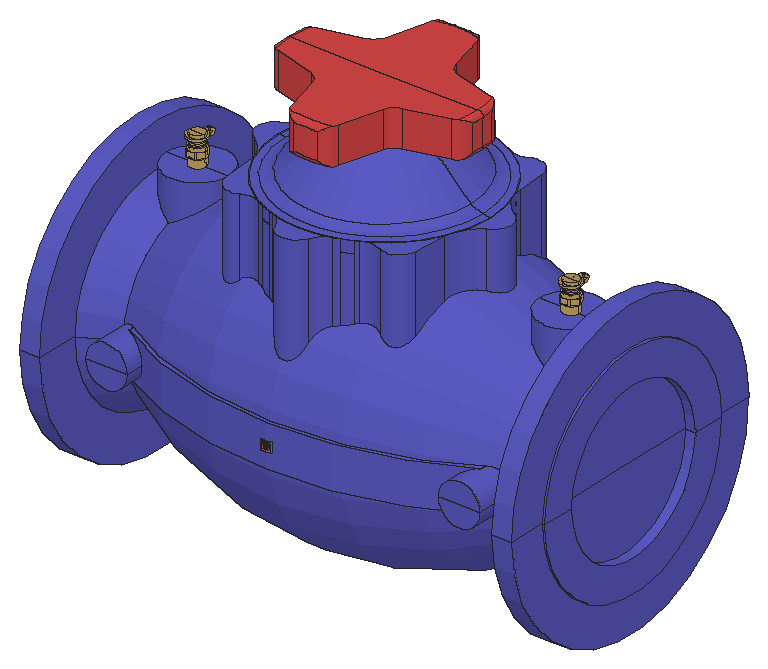
Revit family "HERZ Strömax Балансировочный клапан с измерительными клапанами, шпиндель прямой 4218 GMF", category Rohrzubehör, Revit 2021
Family settings
  Bemaßung runder Anschluss = Durchmesser verwenden
  Teiletyp = Unterbricht
  OmniClass-Nummer = 23.65.55.14
  OmniClass-Titel = Valves for Liquid Services
  Arbeitsebenenbasiert = Nein
  Immer vertikal = Ja
  Beim Laden mit Abzugskörper schneiden = Nein
  Gemeinsam genutzt = Nein
Parameters
  Среда = "Допускается использование этилен- и пропиленгликоля в концентрации смеси 25-50% объема.\r\nКачество теплоносителя в соответствии с ÖNORM H 5195 и VDI 2035."
  Область применения = "Для гидравлической балансировки в системах отопления или охлаждения, регулирования и перекрытия трубопроводов, стояков, теплообменников, регистров отопления и охлаждения."
  Номер заказа [instance] = size_lookup("4218_GMF_", "Artnr", 0, Nennweite)  # 1421851
  Макс. рабочее давление = 1600000.0 Pa  # constant formula
  Макс. рабочая температура (с DN40) = 110 °C  # constant formula
  Макс. рабочая температура (до DN32) = 130 °C  # constant formula
  Корпус = "чугун GJL 250 по EN 1561"  # constant formula
  Исполнение = "STRÖMAX-GMF-Балансировочный клапан с измерительными клапанами DN 25 - 150:\r\nШпиндель прямой, корпус из чугуна GJL 250 по EN 1561, фланцевое исполнение EN 1092, PN 16, синего цвета.\r\nБуксы клапана до DN 100 из латуни, резьбовое соединение, от DN 125 буксы клапана из чугуна, с неподнимающимся шпинделем.\r\nУплотнение шпинделя при помощи двойного кольцевого уплотнения.\r\nПредварительная настройка производится посредством ограничения хода с помощью внутреннего шпинделя, цифровые показания ступени преднастройки считываются в окошке маховика.\r\nДва измерительных клапана монтируются сверху, по обе стороны маховика."
  Измерение перепада давления = "Клапан балансировочный STRÖMAX-GMF укомплектован двумя измерительными клапанами:\r\nпри применении соответствующего измерительного прибора можно измерить перепад давления и по диаграмме определить текущий расход в зависимости от ступени настройки.\r\nНа экране измерительного прибора высвечивается текущее значение расхода (см. руководство по измерительным приборам)."
  kvs-значения [instance] = if(Nennweite = 25.00 mm, 11.53, if(Nennweite = 32.00 mm, 16.6, if(Nennweite = 40.00 mm, 28.6, if(Nennweite = 50.00 mm, 37.84, if(Nennweite = 65.00 mm, 60.3, if(Nennweite = 80.00 mm, 67.8, if(Nennweite = 100.00 mm, 99.55, if(Nennweite = 125.00 mm, 186.58, if(Nennweite = 150.00 mm, 279.05, 0)))))))))  # 279.05
  W02 = 60.00°  # constant formula
  W01 [instance] = if(Nennweite = 25.00 mm, 10.00°, if(Nennweite = 32.00 mm, 10.00°, if(Nennweite = 40.00 mm, 15.00°, if(Nennweite = 50.00 mm, 10.00°, if(Nennweite = 65.00 mm, 25.00°, if(Nennweite = 80.00 mm, 25.00°, 0.80°))))))  # 0.80°
  Букса (до DN100) = "латунь"  # constant formula
  Букса (от DN125) = "чугун"  # constant formula
  Vorgabe-Ansicht = 0.00 mm
  URL = "www.herz-armaturen.ru"
  SCRNSEQ = "ARM;ARM_TYP=\"STRV\";2"
  SCRNCODE = "05;07;02"  # constant formula
  S01 [instance] = Nennweite + 10.00 mm  # 160.00 mm
  R02 [instance] = size_lookup("4218_GMF_", "R2", 1.00 mm, Nennweite)  # 30.00 mm
  R01 [instance] = size_lookup("4218_GMF_", "R1", 1.00 mm, Nennweite)  # 20.00 mm
  O-Ring = "EPDM"  # constant formula
  Nennweite [instance] = 150.00 mm
  L03 [instance] = size_lookup("4218_GMF_", "L3", 1.00 mm, Nennweite)  # 180.00 mm
  L02 [instance] = size_lookup("4218_GMF_", "L2", 1.00 mm, Nennweite)  # 170.00 mm
  L01 [instance] = size_lookup("4218_GMF_", "L1", 1.00 mm, Nennweite)  # 185.00 mm
  L00 [instance] = size_lookup("4218_GMF_", "L", 1.00 mm, Nennweite)  # 480.00 mm
  Hersteller = "HERZ Armaturen Ges.m.b.H."  # constant formula
  H08 [instance] = H02 + H04  # 238.50 mm
  H07 = 10.00 mm  # constant formula
  H06 [instance] = size_lookup("4218_GMF_", "H6", 1.00 mm, Nennweite)  # 56.00 mm
  H05 [instance] = size_lookup("4218_GMF_", "H5", 1.00 mm, Nennweite)  # 11.00 mm
  H04 [instance] = size_lookup("4218_GMF_", "H4", 1.00 mm, Nennweite)  # 78.50 mm
  H03 [instance] = size_lookup("4218_GMF_", "H3", 1.00 mm, Nennweite)  # 118.00 mm
  H02N [instance] = H02 + 11.00 mm  # 171.00 mm
  H02 [instance] = size_lookup("4218_GMF_", "H2", 1.00 mm, Nennweite)  # 160.00 mm
  H01 [instance] = size_lookup("4218_GMF_", "H1", 1.00 mm, Nennweite)  # 122.00 mm
  GT = 10.00 mm  # constant formula
  FLL02 [instance] = size_lookup("4218_GMF_", "FLL2", 1.00 mm, Nennweite)  # 19.00 mm
  FLL01 [instance] = size_lookup("4218_GMF_", "FLL1", 1.00 mm, Nennweite)  # 3.00 mm
  FLD03 [instance] = size_lookup("4218_GMF_", "FLD3", 1.00 mm, Nennweite)  # 84.20 mm
  FLD02 [instance] = size_lookup("4218_GMF_", "FLD2", 1.00 mm, Nennweite)  # 101.00 mm
  FLD01 [instance] = size_lookup("4218_GMF_", "FLD1", 1.00 mm, Nennweite)  # 106.00 mm
  FLD00 [instance] = size_lookup("4218_GMF_", "FLD", 1.00 mm, Nennweite)  # 142.50 mm
  DN80 [instance] = Nennweite = 80.00 mm  # no
  DN65 [instance] = Nennweite = 65.00 mm  # no
  DN50-DN80 [instance] = or(Nennweite = 50.00 mm, Nennweite = 65.00 mm, Nennweite = 80.00 mm)  # no
  DN50 [instance] = Nennweite = 50.00 mm  # no
  DN40 [instance] = Nennweite = 40.00 mm  # no
  DN32 [instance] = Nennweite = 32.00 mm  # no
  DN25-DN40 [instance] = or(Nennweite = 25.00 mm, Nennweite = 32.00 mm, Nennweite = 40.00 mm)  # no
  DN25 [instance] = Nennweite = 25.00 mm  # no
  DN150 [instance] = Nennweite = 150.00 mm  # yes
  DN125 [instance] = Nennweite = 125.00 mm  # no
  DN100-DN125 [instance] = or(Nennweite = 100.00 mm, Nennweite = 125.00 mm, Nennweite = 150.00 mm)  # yes
  DN100 [instance] = Nennweite = 100.00 mm  # no
  D04 [instance] = size_lookup("4218_GMF_", "D4", 1.00 mm, Nennweite)  # 15.00 mm
  D03 [instance] = size_lookup("4218_GMF_", "D3", 1.00 mm, Nennweite)  # 16.00 mm
  D02 [instance] = size_lookup("4218_GMF_", "D2", 1.00 mm, Nennweite)  # 17.00 mm
  D01 [instance] = size_lookup("4218_GMF_", "D1", 1.00 mm, Nennweite)  # 102.50 mm
  D00 [instance] = size_lookup("4218_GMF_", "D", 1.00 mm, Nennweite)  # 140.00 mm
  BH02 [instance] = -BH01  # -20.00 mm
  BH01 [instance] = if(Nennweite = 25.00 mm, 12.00 mm, if(Nennweite = 32.00 mm, 12.50 mm, if(Nennweite = 40.00 mm, 12.50 mm, if(Nennweite = 50.00 mm, 12.50 mm, if(Nennweite = 65.00 mm, 15.00 mm, if(Nennweite = 80.00 mm, 16.00 mm, if(Nennweite = 100.00 mm, 17.50 mm, if(Nennweite = 125.00 mm, 17.50 mm, if(Nennweite = 150.00 mm, 20.00 mm, 1.00 mm)))))))))  # 20.00 mm
  Anschluss [instance] = Nennweite / 2  # 75.00 mm
Reference planes
  plane 1 "Mitte (Vorne/hinten)": y = 0
  plane 2: z = 0
  plane 3 "Mitte (Links/rechts)": x = 0
Forms (mm)
  Revolve 1, solid, material "Herz-Marineblau", detail levels fine
    sketch origin (1058.943, 0, 0) x (1, 0, 0) y (0, 1, 0)
      loop
        line (-1295.943, 142.5) -> (-1295.943, 106) -> (-1298.943, 106) -> (-1298.943, 75) -> (-1288.943, 75) -> (-1288.943, 0) -> (-828.943, 0) -> (-828.943, 75) -> (-818.943, 75) -> (-818.943, 106) -> (-821.943, 106) -> (-821.943, 142.5) -> (-840.943, 142.5) -> (-840.943, 101) -> (-873.943, 84.2)
        arc (-873.943, 84.2) -> (-1058.943, 140) -> (-1243.943, 84.2) r 334.576
        line (-1243.943, 84.2) -> (-1276.943, 101) -> (-1276.943, 142.5) -> (-1295.943, 142.5)
      axis (-1298.943, 0) -> (-818.943, 0)
    angle from 0 to 360
  Revolve 2, solid, material "Herz-Marineblau", detail levels fine
    sketch origin (0, 0, 0) x (1, 0, 0) y (0, 1, 0)
      loop
        line (-170, 122) -> (-190, 122) -> (-190, -122) -> (-170, -122) -> (-170, 122)
      axis (-170, 122) -> (-170, -122)
    angle from 0 to 360
  Revolve 3, solid, material "Herz-Marineblau", detail levels fine
    sketch origin (0, 0, 0) x (-1, 0, 0) y (0, 1, 0)
      loop
        line (-170, 122) -> (-190, 122) -> (-190, -122) -> (-170, -122) -> (-170, 122)
      axis (-170, 122) -> (-170, -122)
    angle from 0 to 360
  Revolve 4, solid, material "Herz-Marineblau", detail levels fine
    sketch origin (0, 0, 0) x (1, 0, 0) y (0, 0, 1)
      loop
        line (0, 0) -> (0, 160) -> (-102.5, 160) -> (-102.5, 0) -> (0, 0)
      axis (0, 160) -> (0, 0)
    angle from 0 to 360
  Revolve 5, solid, material "Herz-Marineblau", detail levels fine
    sketch origin (0, 0, 0) x (1, 0, 0) y (0, 0, 1)
      loop
        line (-178.413, 4.322) -> (-148.416, 4.741) -> (-150.003, 118.419) -> (-180, 118) -> (-178.413, 4.322)
      axis (-180, 118) -> (-178.413, 4.322)
    angle from 0 to 360
  Revolve 6, solid, material "Herz-Marineblau", detail levels fine
    sketch origin (0, 0, 0) x (-1, 0, 0) y (0, 0, 1)
      loop
        line (-178.413, 4.322) -> (-148.416, 4.741) -> (-150.003, 118.419) -> (-180, 118) -> (-178.413, 4.322)
      axis (-180, 118) -> (-178.413, 4.322)
    angle from 0 to 360
  Extrusion 7, solid, material "Herz-Marineblau", visible <- "DN25", detail levels fine
    sketch origin (0, 0, 0) x (1, 0, 0) y (0, 1, 0)
      loop
        line (-40, 18.232) -> (-40, -18.232)
        arc (-40, -18.232) -> (0, -31) -> (40, -18.232) r 69.038
        line (40, -18.232) -> (40, 18.232)
        arc (40, 18.232) -> (0, 31) -> (-40, 18.232) r 69.038
    from -20 <- "BH02" to 20 <- "BH01"
  Extrusion 8, solid, material "Herz-Marineblau", visible <- "DN32", detail levels fine
    sketch origin (0, 0, 0) x (1, 0, 0) y (0, 1, 0)
      loop
        line (-50, 21.35) -> (-50, -21.35)
        arc (-50, -21.35) -> (0, -37) -> (50, -21.35) r 87.698
        line (50, -21.35) -> (50, 21.35)
        arc (50, 21.35) -> (0, 37) -> (-50, 21.35) r 87.698
    from -20 <- "BH02" to 20 <- "BH01"
  Extrusion 9, solid, material "Herz-Marineblau", visible <- "DN40", detail levels fine
    sketch origin (0, 0, 0) x (1, 0, 0) y (0, 1, 0)
      loop
        arc (-60, -22.89) -> (0, -39) -> (60, -22.89) r 119.787
        line (60, -22.89) -> (60, 22.89)
        arc (60, 22.89) -> (0, 39) -> (-60, 22.89) r 119.787
        line (-60, 22.89) -> (-60, -22.89)
    from -20 <- "BH02" to 20 <- "BH01"
  Extrusion 10, solid, material "Herz-Marineblau", visible <- "DN50", detail levels fine
    sketch origin (0, 0, 0) x (1, 0, 0) y (0, 1, 0)
      loop
        line (70, -31.244) -> (70, 31.244)
        arc (70, 31.244) -> (0, 44) -> (-70, 31.244) r 198.442
        line (-70, 31.244) -> (-70, -31.244)
        arc (-70, -31.244) -> (0, -44) -> (70, -31.244) r 198.442
    from -20 <- "BH02" to 20 <- "BH01"
  Extrusion 11, solid, material "Herz-Marineblau", visible <- "DN65", detail levels fine
    sketch origin (0, 0, 0) x (1, 0, 0) y (0, 1, 0)
      loop
        line (-89, 42.065) -> (-89, -42.065)
        arc (-89, -42.065) -> (0, -53) -> (89, -42.065) r 367.662
        line (89, -42.065) -> (89, 42.065)
        arc (89, 42.065) -> (0, 53) -> (-89, 42.065) r 367.662
    from -20 <- "BH02" to 20 <- "BH01"
  Extrusion 12, solid, material "Herz-Marineblau", visible <- "DN80", detail levels fine
    sketch origin (0, 0, 0) x (1, 0, 0) y (0, 1, 0)
      loop
        arc (-100, -47.474) -> (0, -56.538) -> (100, -47.474) r 556.156
        line (100, -47.474) -> (100, 47.474)
        arc (100, 47.474) -> (0, 56.538) -> (-100, 47.474) r 556.156
        line (-100, 47.474) -> (-100, -47.474)
    from -20 <- "BH02" to 20 <- "BH01"
  Extrusion 13, solid, material "Herz-Marineblau", visible <- "DN100", detail levels fine
    sketch origin (0, 0, 0) x (1, 0, 0) y (0, 1, 0)
      loop
        line (-118, 61.457) -> (-118, -61.457)
        arc (-118, -61.457) -> (0, -84.506) -> (118, -61.457) r 313.571
        line (118, -61.457) -> (118, 61.457)
        arc (118, 61.457) -> (0, 84.506) -> (-118, 61.457) r 313.571
    from -20 <- "BH02" to 20 <- "BH01"
  Extrusion 14, solid, material "Herz-Marineblau", visible <- "DN125", detail levels fine
    sketch origin (0, 0, 0) x (1, 0, 0) y (0, 1, 0)
      loop
        line (-140, 76.087) -> (-140, -76.087)
        arc (-140, -76.087) -> (0, -121.009) -> (140, -76.087) r 240.621
        line (140, -76.087) -> (140, 76.087)
        arc (140, 76.087) -> (0, 121.009) -> (-140, 76.087) r 240.621
    from -20 <- "BH02" to 20 <- "BH01"
  Extrusion 15, solid, material "Herz-Marineblau", visible <- "DN150", detail levels fine
    sketch origin (0, 0, 0) x (1, 0, 0) y (0, 1, 0)
      loop
        arc (-170, -95.905) -> (0, -141.967) -> (170, -95.905) r 336.739
        line (170, -95.905) -> (170, 95.905)
        arc (170, 95.905) -> (0, 141.967) -> (-170, 95.905) r 336.739
        line (-170, 95.905) -> (-170, -95.905)
    from -20 <- "BH02" to 20 <- "BH01"
  Extrusion 16, solid, material "Herz-Marineblau", visible <- "DN125", detail levels fine
    sketch origin (0, 0, 0) x (1, 0, 0) y (0, 1, 0)
      loop
        arc (15.676, 98.149) -> (0, 109.5) -> (-15.676, 98.149) r 16.5
        arc (-15.676, 98.149) -> (-20.502, 90.282) -> (-28.346, 85.419) r 20
        arc (-28.346, 85.419) -> (-34.369, 83.168) -> (-40.215, 80.492) r 90
        arc (-40.215, 80.492) -> (-49.468, 78.32) -> (-58.678, 80.663) r 20
        arc (-58.678, 80.663) -> (-75.166, 79.318) -> (-82.2, 64.344) r 16.5
        line (-82.2, 64.344) -> (-85.23, 28.819)
        arc (-85.23, 28.819) -> (-90.21, 20.539) -> (-98.49, 15.56) r 20
        arc (-98.49, 15.56) -> (-109.5, 0) -> (-98.49, -15.56) r 16.5
        arc (-98.49, -15.56) -> (-90.21, -20.539) -> (-85.23, -28.819) r 20
        line (-85.23, -28.819) -> (-82.2, -64.344)
        arc (-82.2, -64.344) -> (-75.166, -79.318) -> (-58.678, -80.663) r 16.5
        arc (-58.678, -80.663) -> (-49.468, -78.32) -> (-40.215, -80.492) r 20
        arc (-40.215, -80.492) -> (-34.369, -83.168) -> (-28.346, -85.419) r 90
        arc (-28.346, -85.419) -> (-20.502, -90.282) -> (-15.676, -98.149) r 20
        arc (-15.676, -98.149) -> (0, -109.5) -> (15.676, -98.149) r 16.5
        arc (15.676, -98.149) -> (20.502, -90.282) -> (28.346, -85.419) r 20
        arc (28.346, -85.419) -> (34.369, -83.168) -> (40.215, -80.492) r 90
        arc (40.215, -80.492) -> (49.468, -78.32) -> (58.678, -80.663) r 20
        arc (58.678, -80.663) -> (75.166, -79.318) -> (82.2, -64.344) r 16.5
        line (82.2, -64.344) -> (85.23, -28.819)
        arc (85.23, -28.819) -> (90.21, -20.539) -> (98.49, -15.56) r 20
        arc (98.49, -15.56) -> (109.5, 0) -> (98.49, 15.56) r 16.5
        arc (98.49, 15.56) -> (90.21, 20.539) -> (85.23, 28.819) r 20
        line (85.23, 28.819) -> (82.2, 64.344)
        arc (82.2, 64.344) -> (75.166, 79.318) -> (58.678, 80.663) r 16.5
        arc (58.678, 80.663) -> (49.468, 78.32) -> (40.215, 80.492) r 20
        arc (40.215, 80.492) -> (34.369, 83.168) -> (28.346, 85.419) r 90
        arc (28.346, 85.419) -> (20.502, 90.282) -> (15.676, 98.149) r 20
    from 0 to 171 <- "H02N"
  Extrusion 17, solid, material "Herz-Marineblau", visible <- "DN150", detail levels fine
    sketch origin (0, 0, 0) x (1, 0, 0) y (0, 1, 0)
      loop
        arc (16.1, 110.958) -> (0, 122.5) -> (-16.1, 110.958) r 17
        arc (-16.1, 110.958) -> (-21.16, 102.981) -> (-29.318, 98.218) r 19.995
        arc (-29.318, 98.218) -> (-39.225, 94.698) -> (-48.72, 90.181) r 102.5
        arc (-48.72, 90.181) -> (-57.856, 87.781) -> (-67.075, 89.844) r 19.995
        arc (-67.075, 89.844) -> (-82.996, 89.381) -> (-91.547, 75.943) r 17
        line (-91.547, 75.943) -> (-94.4, 39.936)
        arc (-94.4, 39.936) -> (-101.42, 25.402) -> (-113.679, 14.903) r 39.4
        arc (-113.679, 14.903) -> (-122.5, 0) -> (-113.679, -14.903) r 17
        arc (-113.679, -14.903) -> (-101.42, -25.402) -> (-94.4, -39.936) r 39.4
        line (-94.4, -39.936) -> (-91.547, -75.943)
        arc (-91.547, -75.943) -> (-82.996, -89.381) -> (-67.075, -89.844) r 17
        arc (-67.075, -89.844) -> (-57.856, -87.781) -> (-48.72, -90.181) r 19.995
        arc (-48.72, -90.181) -> (-39.225, -94.698) -> (-29.318, -98.218) r 102.5
        arc (-29.318, -98.218) -> (-21.16, -102.981) -> (-16.1, -110.958) r 19.995
        arc (-16.1, -110.958) -> (0, -122.5) -> (16.1, -110.958) r 17
        arc (16.1, -110.958) -> (21.16, -102.981) -> (29.318, -98.218) r 19.995
        arc (29.318, -98.218) -> (39.225, -94.698) -> (48.72, -90.181) r 102.5
        arc (48.72, -90.181) -> (57.856, -87.781) -> (67.075, -89.844) r 19.995
        arc (67.075, -89.844) -> (82.996, -89.381) -> (91.547, -75.943) r 17
        line (91.547, -75.943) -> (93.96, -45.484)
        arc (93.96, -45.484) -> (99.132, -28.867) -> (110.958, -16.1) r 39.4
        arc (110.958, -16.1) -> (122.5, 0) -> (110.958, 16.1) r 17
        arc (110.958, 16.1) -> (99.132, 28.867) -> (93.96, 45.484) r 39.4
        line (93.96, 45.484) -> (91.547, 75.943)
        arc (91.547, 75.943) -> (82.996, 89.381) -> (67.075, 89.844) r 17
        arc (67.075, 89.844) -> (57.856, 87.781) -> (48.72, 90.181) r 19.995
        arc (48.72, 90.181) -> (39.225, 94.698) -> (29.318, 98.218) r 102.5
        arc (29.318, 98.218) -> (21.16, 102.981) -> (16.1, 110.958) r 19.995
    from 0 to 171 <- "H02N"
  Revolve 18, solid, material "Herz-Marineblau", detail levels fine
    sketch origin (0, 0, 0) x (1, 0, 0) y (0, 0, 1)
      loop
        line (0, 160) -> (0, 238.5) -> (-15, 238.5) -> (-15, 228.5) -> (-16, 228.5) -> (-16, 227) -> (-17, 227) -> (-17, 171) -> (-102.5, 171) -> (-102.5, 160) -> (0, 160)
      axis (0, 238.5) -> (0, 160)
    angle from 0 to 360
  Revolve 19, solid, material "Herz-Marineblau", visible <- "DN125", detail levels fine
    sketch origin (0, 0, 143) x (1, 0, 0) y (0, 0, 1)
      loop
        line (0, 0) -> (0, 62) -> (-15, 62) -> (-15, 52) -> (-21.8, 52)
        arc (-21.8, 52) -> (-23.44, 48.297) -> (-27.284, 47.023) r 5
        arc (-27.284, 47.023) -> (-30.294, 46.63) -> (-32.827, 44.959) r 6.752
        arc (-32.827, 44.959) -> (-52.854, 27.042) -> (-71.197, 7.406) r 300
        arc (-71.197, 7.406) -> (-77.249, 2.612) -> (-84.666, 0.467) r 20
        line (-84.666, 0.467) -> (-90, 0) -> (0, 0)
      axis (0, 62) -> (0, 0)
    angle from 0 to 360
  Revolve 20, solid, material "Herz-Marineblau", visible <- "DN150", detail levels fine
    sketch origin (0, 0, 171) x (1, 0, 0) y (0, 0, 1)
      loop
        line (0, 67.5) -> (-15, 67.5) -> (-15, 57.5) -> (-21.8, 57.5)
        arc (-21.8, 57.5) -> (-23.44, 53.797) -> (-27.284, 52.523) r 5
        arc (-27.284, 52.523) -> (-29.026, 52.21) -> (-30.549, 51.31) r 5
        arc (-30.549, 51.31) -> (-58.499, 29.932) -> (-83.754, 5.428) r 300
        arc (-83.754, 5.428) -> (-89.037, 2.148) -> (-95.072, 0.65) r 20
        line (-95.072, 0.65) -> (-102.5, 0) -> (0, 0) -> (0, 67.5)
      axis (0, 67.5) -> (0, 0)
    angle from 0 to 360
Lines and regions (mm)
  model lines, detail levels coarse+medium
    curve 1: line (-240, 0, 142.5) -> (-240, 0, -142.5)
    curve 2: line (-240, 0, -142.5) -> (240, 0, 142.5)
    curve 3: line (240, 0, 142.5) -> (240, 0, -142.5)
    curve 4: line (240, 0, -142.5) -> (-240, 0, 142.5)
    curve 5: line (0, 0, 0) -> (137.698, 0, 238.5)
    curve 6: line (68.416, 0, 278.5) -> (206.98, 0, 198.5)
    curve 7: line (-240, 142.5, 0) -> (-240, -142.5, 0)
    curve 8: line (-240, -142.5, 0) -> (240, 142.5, 0)
    curve 9: line (240, 142.5, 0) -> (240, -142.5, 0)
    curve 10: line (240, -142.5, 0) -> (-240, 142.5, 0)
    curve 11: line (0, 0, 0) -> (137.698, 238.5, 0)
    curve 12: line (68.416, 278.5, 0) -> (206.98, 198.5, 0)
Dimensions and locks
  "FLD00": plane 1 "Mitte (Vorne/hinten)" to Revolve 1 sketch curve
  "FLD01": plane 1 "Mitte (Vorne/hinten)" to Revolve 1 sketch curve
  "FLD02": plane 1 "Mitte (Vorne/hinten)" to Revolve 1 sketch curve  (x2)
  "FLD03": plane 1 "Mitte (Vorne/hinten)" to Revolve 1 sketch curve  (x2)
  "GT": Revolve 1 sketch curve to Revolve 1 sketch curve  (x2)
  "FLL01": Revolve 1 sketch curve to Revolve 1 sketch curve  (x2)
  "FLL02": Revolve 1 sketch curve to Revolve 1 sketch curve  (x2)
  equal spacing: Revolve 1 sketch curve, plane 3 "Mitte (Links/rechts)", Revolve 1 sketch curve
  "Anschluss": Revolve 1 sketch curve to plane 1 "Mitte (Vorne/hinten)"
  "Anschluss": plane 1 "Mitte (Vorne/hinten)" to Revolve 1 sketch curve
  "FLD01": Revolve 1 sketch curve to plane 1 "Mitte (Vorne/hinten)"
  "FLD00": Revolve 1 sketch curve to plane 1 "Mitte (Vorne/hinten)"
  "L00": Revolve 1 sketch curve to Revolve 1 sketch curve
  "D00": plane 1 "Mitte (Vorne/hinten)" to Revolve 1 sketch curve
  "L01": Revolve 1 sketch curve to plane 3 "Mitte (Links/rechts)" to Revolve 1 sketch curve
  "L02": Revolve 2 sketch curve to plane 3 "Mitte (Links/rechts)"
  "R01": Revolve 2 sketch curve to Revolve 2 sketch curve
  "H01": Revolve 2 sketch curve to plane 1 "Mitte (Vorne/hinten)" to Revolve 2 sketch curve
  "L02": plane 3 "Mitte (Links/rechts)" to Revolve 3 sketch curve
  "R01": Revolve 3 sketch curve to Revolve 3 sketch curve
  "H01": Revolve 3 sketch curve to plane 1 "Mitte (Vorne/hinten)" to Revolve 3 sketch curve
  "D01": plane 3 "Mitte (Links/rechts)" to Revolve 4 sketch curve
  "H02": Revolve 4 sketch curve to plane 2
  "H03": Revolve 5 sketch curve to plane 2  (x2)
  "R02": Revolve 5 sketch curve to Revolve 5 sketch curve
  "L03": plane 3 "Mitte (Links/rechts)" to Revolve 5 sketch curve  (x2)
  "R02": Revolve 6 sketch curve to Revolve 6 sketch curve
  "L03": Revolve 6 sketch curve to plane 3 "Mitte (Links/rechts)"  (x2)
  "H03": Revolve 6 sketch curve to plane 2  (x2)
  "D01": plane 3 "Mitte (Links/rechts)" to Revolve 18 sketch curve
  "D02": plane 3 "Mitte (Links/rechts)" to Revolve 18 sketch curve
  "D03": plane 3 "Mitte (Links/rechts)" to Revolve 18 sketch curve
  "D04": plane 3 "Mitte (Links/rechts)" to Revolve 18 sketch curve
  "H02": Revolve 18 sketch curve to plane 2
  "H04": Revolve 18 sketch curve to Revolve 18 sketch curve
  "H05": Revolve 18 sketch curve to Revolve 18 sketch curve
  "H06": Revolve 18 sketch curve to Revolve 18 sketch curve
  "H07": Revolve 18 sketch curve to Revolve 18 sketch curve
  "H08": nested 28 to plane 2
  "H08": nested 29 to plane 2
  "H08": nested 30 to plane 2
  "FLD00": curve 4 to plane 2 to curve 2
  "FLD00": curve 3 to plane 2 to curve 4
  equal spacing: curve 1, plane 3 "Mitte (Links/rechts)", curve 3
  "L00": curve 1 to curve 3
  equal spacing: curve 1, curve 5, curve 3
  "H08": curve 5 to plane 2
  equal spacing: curve 6, curve 5, curve 6
  "S01": curve 6 to curve 6
  "FLD00": curve 8 to plane 1 "Mitte (Vorne/hinten)" to curve 10
  "FLD00": curve 10 to plane 1 "Mitte (Vorne/hinten)" to curve 9
  equal spacing: curve 7, plane 3 "Mitte (Links/rechts)", curve 9
  "L00": curve 7 to curve 9
  equal spacing: curve 7, curve 11, curve 9
  "H08": plane 1 "Mitte (Vorne/hinten)" to curve 11
  equal spacing: curve 12, curve 11, curve 12
  "S01": curve 12 to curve 12
  "W01": angle plane 3 "Mitte (Links/rechts)" to Revolve 5 sketch curve  (x2)
  "W01": angle Revolve 6 sketch curve to plane 3 "Mitte (Links/rechts)"  (x2)
  "W02": angle plane 2 to curve 5
  "W02": angle plane 1 "Mitte (Vorne/hinten)" to curve 11
  aligned and locked: level to plane 2
Automatic sketch dimensions
  Extrusion 7 sketch curve to plane 3 "Mitte (Links/rechts)" = 0.00 mm  (x2)
  Extrusion 7 sketch curve to plane 1 "Mitte (Vorne/hinten)" = 18.232 mm  (x2)
  Extrusion 7 sketch curve to plane 3 "Mitte (Links/rechts)" = 40.00 mm
  plane 1 "Mitte (Vorne/hinten)" to Extrusion 7 sketch curve = 18.232 mm
  plane 1 "Mitte (Vorne/hinten)" to Extrusion 7 sketch curve = 38.038 mm
  Extrusion 7 sketch curve to plane 1 "Mitte (Vorne/hinten)" = 38.038 mm
  Extrusion 8 sketch curve to plane 3 "Mitte (Links/rechts)" = 0.00 mm  (x2)
  plane 1 "Mitte (Vorne/hinten)" to Extrusion 8 sketch curve = 21.35 mm  (x2)
  Extrusion 8 sketch curve to plane 3 "Mitte (Links/rechts)" = 50.00 mm
  plane 1 "Mitte (Vorne/hinten)" to Extrusion 8 sketch curve = 50.698 mm
  Extrusion 8 sketch curve to plane 1 "Mitte (Vorne/hinten)" = 21.35 mm
  Extrusion 8 sketch curve to plane 1 "Mitte (Vorne/hinten)" = 50.698 mm
  Extrusion 9 sketch curve to plane 3 "Mitte (Links/rechts)" = 0.00 mm  (x2)
  Extrusion 9 sketch curve to plane 1 "Mitte (Vorne/hinten)" = 22.89 mm  (x2)
  Extrusion 9 sketch curve to plane 3 "Mitte (Links/rechts)" = 60.00 mm
  plane 1 "Mitte (Vorne/hinten)" to Extrusion 9 sketch curve = 22.89 mm
  plane 1 "Mitte (Vorne/hinten)" to Extrusion 9 sketch curve = 80.787 mm
  Extrusion 9 sketch curve to plane 1 "Mitte (Vorne/hinten)" = 80.787 mm
  Extrusion 10 sketch curve to plane 3 "Mitte (Links/rechts)" = 0.00 mm  (x2)
  plane 1 "Mitte (Vorne/hinten)" to Extrusion 10 sketch curve = 31.244 mm  (x2)
  Extrusion 10 sketch curve to plane 3 "Mitte (Links/rechts)" = 70.00 mm
  Extrusion 10 sketch curve to Extrusion 10 sketch curve = 123.198 mm  (x2)
  Extrusion 10 sketch curve to plane 1 "Mitte (Vorne/hinten)" = 31.244 mm
  Extrusion 11 sketch curve to plane 3 "Mitte (Links/rechts)" = 0.00 mm  (x2)
  plane 1 "Mitte (Vorne/hinten)" to Extrusion 11 sketch curve = 42.065 mm  (x2)
  Extrusion 11 sketch curve to plane 3 "Mitte (Links/rechts)" = 89.00 mm
  Extrusion 11 sketch curve to Extrusion 11 sketch curve = 272.597 mm  (x2)
  Extrusion 11 sketch curve to plane 1 "Mitte (Vorne/hinten)" = 42.065 mm
  Extrusion 12 sketch curve to plane 3 "Mitte (Links/rechts)" = 0.00 mm  (x2)
  Extrusion 12 sketch curve to plane 1 "Mitte (Vorne/hinten)" = 47.474 mm
  Extrusion 12 sketch curve to plane 3 "Mitte (Links/rechts)" = 100.00 mm
  plane 1 "Mitte (Vorne/hinten)" to Extrusion 12 sketch curve = 47.474 mm
  plane 3 "Mitte (Links/rechts)" to Extrusion 12 sketch curve = 100.00 mm
  Extrusion 12 sketch curve to Extrusion 12 sketch curve = 452.143 mm  (x2)
  Extrusion 13 sketch curve to plane 3 "Mitte (Links/rechts)" = 0.00 mm  (x2)
  plane 1 "Mitte (Vorne/hinten)" to Extrusion 13 sketch curve = 61.457 mm  (x2)
  Extrusion 13 sketch curve to plane 3 "Mitte (Links/rechts)" = 118.00 mm
  Extrusion 13 sketch curve to Extrusion 13 sketch curve = 167.608 mm  (x2)
  Extrusion 13 sketch curve to plane 1 "Mitte (Vorne/hinten)" = 61.457 mm
  Extrusion 14 sketch curve to plane 3 "Mitte (Links/rechts)" = 0.00 mm  (x2)
  plane 1 "Mitte (Vorne/hinten)" to Extrusion 14 sketch curve = 76.087 mm  (x2)
  Extrusion 14 sketch curve to plane 3 "Mitte (Links/rechts)" = 140.00 mm
  plane 1 "Mitte (Vorne/hinten)" to Extrusion 14 sketch curve = 119.612 mm
  Extrusion 14 sketch curve to plane 1 "Mitte (Vorne/hinten)" = 76.087 mm
  Extrusion 14 sketch curve to plane 1 "Mitte (Vorne/hinten)" = 119.612 mm
  Extrusion 15 sketch curve to plane 3 "Mitte (Links/rechts)" = 0.00 mm  (x2)
  Extrusion 15 sketch curve to plane 1 "Mitte (Vorne/hinten)" = 95.905 mm  (x2)
  Extrusion 15 sketch curve to plane 3 "Mitte (Links/rechts)" = 170.00 mm
  plane 1 "Mitte (Vorne/hinten)" to Extrusion 15 sketch curve = 95.905 mm
  plane 1 "Mitte (Vorne/hinten)" to Extrusion 15 sketch curve = 194.771 mm
  Extrusion 15 sketch curve to plane 1 "Mitte (Vorne/hinten)" = 194.771 mm
  plane 1 "Mitte (Vorne/hinten)" to Extrusion 16 sketch curve = 0.00 mm  (x2)
  Extrusion 16 sketch curve to plane 3 "Mitte (Links/rechts)" = 0.00 mm  (x2)
  plane 1 "Mitte (Vorne/hinten)" to Extrusion 16 sketch curve = 0.047 mm  (x2)
  Extrusion 16 sketch curve to plane 3 "Mitte (Links/rechts)" = 0.141 mm
  Extrusion 16 sketch curve to plane 1 "Mitte (Vorne/hinten)" = 0.047 mm  (x2)
  Extrusion 16 sketch curve to Extrusion 16 sketch curve = 0.00 mm  (x10)
  Extrusion 16 sketch curve to plane 3 "Mitte (Links/rechts)" = 34.677 mm  (x2)
  Extrusion 16 sketch curve to Extrusion 16 sketch curve = 14.605 mm  (x4)
  Extrusion 16 sketch curve to Extrusion 16 sketch curve = 16.479 mm  (x4)
  Extrusion 16 sketch curve to Extrusion 16 sketch curve = 16.439 mm  (x4)
  Extrusion 16 sketch curve to Extrusion 16 sketch curve = 3.03 mm  (x4)
  plane 1 "Mitte (Vorne/hinten)" to Extrusion 16 sketch curve = 28.819 mm  (x2)
  Extrusion 16 sketch curve to Extrusion 16 sketch curve = 7.77 mm  (x2)
  Extrusion 16 sketch curve to Extrusion 16 sketch curve = 19.122 mm  (x4)
  plane 3 "Mitte (Links/rechts)" to Extrusion 16 sketch curve = 0.141 mm
  plane 3 "Mitte (Links/rechts)" to Extrusion 16 sketch curve = 34.677 mm  (x2)
  Extrusion 16 sketch curve to Extrusion 16 sketch curve = 5.862 mm  (x4)
  Extrusion 16 sketch curve to Extrusion 16 sketch curve = 35.525 mm  (x4)
  Extrusion 16 sketch curve to Extrusion 16 sketch curve = 1.417 mm  (x4)
  Extrusion 16 sketch curve to Extrusion 16 sketch curve = 27.239 mm  (x2)
  Extrusion 16 sketch curve to Extrusion 16 sketch curve = 32.558 mm  (x4)
  Extrusion 16 sketch curve to Extrusion 16 sketch curve = 6.072 mm  (x4)
  Extrusion 16 sketch curve to plane 1 "Mitte (Vorne/hinten)" = 28.819 mm  (x2)
  Extrusion 16 sketch curve to plane 3 "Mitte (Links/rechts)" = 15.676 mm  (x2)
  Extrusion 16 sketch curve to Extrusion 16 sketch curve = 11.869 mm  (x4)
  Extrusion 16 sketch curve to plane 1 "Mitte (Vorne/hinten)" = 15.56 mm
  plane 1 "Mitte (Vorne/hinten)" to Extrusion 16 sketch curve = 15.56 mm
  Extrusion 17 sketch curve to Extrusion 17 sketch curve = 0.00 mm  (x25)
  plane 1 "Mitte (Vorne/hinten)" to Extrusion 17 sketch curve = 0.00 mm  (x3)
  Extrusion 17 sketch curve to plane 3 "Mitte (Links/rechts)" = 0.00 mm  (x3)
  Extrusion 17 sketch curve to plane 3 "Mitte (Links/rechts)" = 35.037 mm  (x2)
  Extrusion 17 sketch curve to Extrusion 17 sketch curve = 23.187 mm  (x4)
  Extrusion 17 sketch curve to Extrusion 17 sketch curve = 16.376 mm  (x4)
  Extrusion 17 sketch curve to Extrusion 17 sketch curve = 16.947 mm  (x4)
  Extrusion 17 sketch curve to plane 1 "Mitte (Vorne/hinten)" = 39.936 mm
  Extrusion 17 sketch curve to Extrusion 17 sketch curve = 2.853 mm  (x2)
  plane 1 "Mitte (Vorne/hinten)" to Extrusion 17 sketch curve = 39.936 mm
  Extrusion 17 sketch curve to Extrusion 17 sketch curve = 11.10 mm
  Extrusion 17 sketch curve to Extrusion 17 sketch curve = 38.236 mm  (x2)
  plane 3 "Mitte (Links/rechts)" to Extrusion 17 sketch curve = 35.037 mm  (x2)
  plane 1 "Mitte (Vorne/hinten)" to Extrusion 17 sketch curve = 45.484 mm
  Extrusion 17 sketch curve to Extrusion 17 sketch curve = 2.414 mm  (x2)
  Extrusion 17 sketch curve to plane 1 "Mitte (Vorne/hinten)" = 45.484 mm
  Extrusion 17 sketch curve to Extrusion 17 sketch curve = 11.54 mm
  Extrusion 17 sketch curve to Extrusion 17 sketch curve = 39.277 mm  (x2)
  Extrusion 17 sketch curve to Extrusion 17 sketch curve = 3.113 mm  (x2)
  Extrusion 17 sketch curve to Extrusion 17 sketch curve = 9.507 mm  (x2)
  Extrusion 17 sketch curve to Extrusion 17 sketch curve = 29.116 mm  (x2)
  Extrusion 17 sketch curve to Extrusion 17 sketch curve = 34.664 mm  (x2)
  Extrusion 17 sketch curve to Extrusion 17 sketch curve = 1.343 mm  (x4)
  Extrusion 17 sketch curve to Extrusion 17 sketch curve = 30.90 mm  (x2)
  Extrusion 17 sketch curve to Extrusion 17 sketch curve = 33.174 mm  (x4)
  Extrusion 17 sketch curve to Extrusion 17 sketch curve = 9.604 mm  (x4)
  Extrusion 17 sketch curve to plane 3 "Mitte (Links/rechts)" = 16.10 mm  (x2)
  plane 1 "Mitte (Vorne/hinten)" to Extrusion 17 sketch curve = 16.10 mm
  Revolve 19 sketch curve to plane 3 "Mitte (Links/rechts)" = 0.00 mm  (x2)
  Revolve 19 sketch curve to Revolve 19 sketch curve = 15.00 mm
  Revolve 19 sketch curve to Revolve 19 sketch curve = 6.80 mm
  Revolve 19 sketch curve to Revolve 19 sketch curve = 5.00 mm
  Revolve 19 sketch curve to Revolve 19 sketch curve = 1.137 mm
  Revolve 19 sketch curve to Revolve 19 sketch curve = 56.729 mm
  Revolve 19 sketch curve to Revolve 19 sketch curve = 1.743 mm
  Revolve 19 sketch curve to Revolve 19 sketch curve = 5.334 mm
  Revolve 19 sketch curve to level = 44.36 mm
  plane 3 "Mitte (Links/rechts)" to Revolve 19 sketch curve = 156.983 mm
  level to Revolve 19 sketch curve = 143.00 mm
  Revolve 19 sketch curve to Revolve 19 sketch curve = 0.467 mm
  Revolve 19 sketch curve to Revolve 19 sketch curve = 19.924 mm
  Revolve 19 sketch curve to Revolve 19 sketch curve = 40.303 mm
  Revolve 19 sketch curve to Revolve 19 sketch curve = 11.697 mm
  Revolve 19 sketch curve to Revolve 19 sketch curve = 10.00 mm
  Revolve 19 sketch curve to Revolve 19 sketch curve = 0.00 mm
  Revolve 19 sketch curve to Revolve 19 sketch curve = 5.544 mm
  Revolve 19 sketch curve to level = 223.045 mm
  Revolve 19 sketch curve to Revolve 19 sketch curve = 2152.315 mm
  level to Revolve 20 sketch curve = 171.00 mm
  Revolve 20 sketch curve to plane 3 "Mitte (Links/rechts)" = 0.00 mm  (x2)
  Revolve 20 sketch curve to plane 3 "Mitte (Links/rechts)" = 15.00 mm
  Revolve 20 sketch curve to Revolve 20 sketch curve = 6.80 mm
  Revolve 20 sketch curve to Revolve 20 sketch curve = 5.00 mm
  Revolve 20 sketch curve to Revolve 20 sketch curve = 0.484 mm
  level to Revolve 20 sketch curve = 171.65 mm
  Revolve 20 sketch curve to Revolve 20 sketch curve = 67.788 mm
  Revolve 20 sketch curve to Revolve 20 sketch curve = 1.743 mm
  Revolve 20 sketch curve to Revolve 20 sketch curve = 7.428 mm
  plane 3 "Mitte (Links/rechts)" to Revolve 20 sketch curve = 137.422 mm
  Revolve 20 sketch curve to level = 26.257 mm
  Revolve 20 sketch curve to Revolve 20 sketch curve = 19.924 mm
  level to Revolve 20 sketch curve = 218.523 mm
  Revolve 20 sketch curve to Revolve 20 sketch curve = 9.977 mm
  Revolve 20 sketch curve to Revolve 20 sketch curve = 10.00 mm
  Revolve 20 sketch curve to Revolve 20 sketch curve = 3.265 mm
  Revolve 20 sketch curve to Revolve 20 sketch curve = 168.787 mm
  Revolve 20 sketch curve to Revolve 20 sketch curve = 2146.815 mm
  plane 1 "Mitte (Vorne/hinten)" to Revolve 1 sketch curve = 0.00 mm  (x2)
  Revolve 1 sketch curve to Revolve 1 sketch curve = 35.00 mm
  Revolve 1 sketch curve to Revolve 1 sketch curve = 40.00 mm
  Revolve 2 sketch curve to Revolve 2 sketch curve = 0.00 mm  (x3)
  Revolve 3 sketch curve to Revolve 3 sketch curve = 0.00 mm  (x3)
  Revolve 4 sketch curve to level = 0.00 mm
  Revolve 4 sketch curve to plane 3 "Mitte (Links/rechts)" = 0.00 mm  (x2)
  Revolve 4 sketch curve to Revolve 4 sketch curve = 366.045 mm
  Revolve 4 sketch curve to Revolve 4 sketch curve = 2169.315 mm
  level to Revolve 5 sketch curve = 4.322 mm
  Revolve 6 sketch curve to level = 4.322 mm
  Revolve 18 sketch curve to plane 3 "Mitte (Links/rechts)" = 0.00 mm  (x2)
  Revolve 18 sketch curve to level = 366.045 mm
  Revolve 18 sketch curve to Revolve 18 sketch curve = 2130.015 mm
Nested families
  nested 1: "Herz-Logo-vorne" at (0, -31, 0) x (0, 1, 0) z (0, 0, 1), visible <- "DN25", type "Herz-Logo-vorne", detail levels fine
  nested 2: "Herz-Logo-vorne" at (0, -36.982, 0) x (0, 1, 0) z (0, 0, 1), visible <- "DN32", type "Herz-Logo-vorne", detail levels fine
  nested 3: "Herz-Logo-vorne" at (0, -39, 0) x (0, 1, 0) z (0, 0, 1), visible <- "DN40", type "Herz-Logo-vorne", detail levels fine
  nested 4: "Herz-Logo-vorne" at (0, -44, 0) x (0, 1, 0) z (0, 0, 1), visible <- "DN50", type "Herz-Logo-vorne", detail levels fine
  nested 5: "Herz-Logo-vorne" at (0, -52.982, 0) x (0, 1, 0) z (0, 0, 1), visible <- "DN65", type "Herz-Logo-vorne", detail levels fine
  nested 6: "Herz-Logo-vorne" at (0, -56.521, 0) x (0, 1, 0) z (0, 0, 1), visible <- "DN80", type "Herz-Logo-vorne", detail levels fine
  nested 7: "Herz-Logo-vorne" at (0, -84.489, 0) x (0, 1, 0) z (0, 0, 1), visible <- "DN100", type "Herz-Logo-vorne", detail levels fine
  nested 8: "Herz-Logo-vorne" at (0, -120.991, 0) x (0, 1, 0) z (0, 0, 1), visible <- "DN125", type "Herz-Logo-vorne", detail levels fine
  nested 9: "Herz-Logo-vorne" at (0, -141.95, 0) x (0, 1, 0) z (0, 0, 1), visible <- "DN150", type "Herz-Logo-vorne", detail levels fine
  nested 10: "Messstutzen_Band_Austritt_senkrecht_(oben 10)" at (40.437, 0, 23.137), visible <- "DN25", type "Messstutzen_Band_Austritt_senkrecht_(oben 10)"
    with Schutzkappe yes, Nennweite 0.00 mm, Gewicht 0.00 kg, Bestellnummer 0
  nested 11: "Messstutzen_Band_Austritt_senkrecht_(oben 10)" at (46.437, 0, 23.137), visible <- "DN32", type "Messstutzen_Band_Austritt_senkrecht_(oben 10)"
    with Schutzkappe yes, Nennweite 0.00 mm, Gewicht 0.00 kg, Bestellnummer 0
  nested 12: "Messstutzen_Band_Austritt_senkrecht_(oben 15)" at (49.671, 0, 29.307), visible <- "DN40", type "Messstutzen_Band_Austritt_senkrecht_(oben 15)"
    with Schutzkappe yes, Nennweite 0.00 mm, Gewicht 0.00 kg, Bestellnummer 0
  nested 13: "Messstutzen_Band_Austritt_senkrecht_(oben 10)" at (63.437, 0, 39.137), visible <- "DN50", type "Messstutzen_Band_Austritt_senkrecht_(oben 10)"
    with Schutzkappe yes, Nennweite 0.00 mm, Gewicht 0.00 kg, Bestellnummer 0
  nested 14: "Messstutzen_Band_Austritt_senkrecht_(oben 25)" at (73.196, 0, 51.843), visible <- "DN65", type "Messstutzen_Band_Austritt_senkrecht_(oben 25)"
    with Schutzkappe yes, Nennweite 0.00 mm, Gewicht 0.00 kg, Bestellnummer 0
  nested 15: "Messstutzen_Band_Austritt_senkrecht_(oben 25)" at (81.196, 0, 56.843), visible <- "DN80", type "Messstutzen_Band_Austritt_senkrecht_(oben 25)"
    with Schutzkappe yes, Nennweite 0.00 mm, Gewicht 0.00 kg, Bestellnummer 0
  nested 16: "Messstutzen_Band_Austritt_senkrecht_(oben 0.8)" at (124.874, 0, 67.001), visible <- "DN100", type "Messstutzen_Band_Austritt_senkrecht_(oben 0.8)"
    with Schutzkappe yes, Nennweite 0.00 mm, Gewicht 0.00 kg, Bestellnummer 0
  nested 17: "Messstutzen_Band_Austritt_senkrecht_(oben 0.8)" at (153.874, 0, 91.001), visible <- "DN125", type "Messstutzen_Band_Austritt_senkrecht_(oben 0.8)"
    with Schutzkappe yes, Nennweite 0.00 mm, Gewicht 0.00 kg, Bestellnummer 0
  nested 18: "Messstutzen_Band_Austritt_senkrecht_(oben 0.8)" at (179.874, 0, 109.001), visible <- "DN150", type "Messstutzen_Band_Austritt_senkrecht_(oben 0.8)"
    with Schutzkappe yes, Nennweite 0.00 mm, Gewicht 0.00 kg, Bestellnummer 0
  nested 19: "Messstutzen_Band_Eintritt_senkrecht_(oben 10)" at (-40.437, 0, 23.137), visible <- "DN25", type "Messstutzen_Band_Eintritt_senkrecht_(oben 10)"
    with Schutzkappe yes, Nennweite 0.00 mm, Gewicht 0.00 kg, Bestellnummer 0
  nested 20: "Messstutzen_Band_Eintritt_senkrecht_(oben 10)" at (-46.437, 0, 23.137), visible <- "DN32", type "Messstutzen_Band_Eintritt_senkrecht_(oben 10)"
    with Schutzkappe yes, Nennweite 0.00 mm, Gewicht 0.00 kg, Bestellnummer 0
  nested 21: "Messstutzen_Band_Eintritt_senkrecht_(oben 15)" at (-49.671, 0, 29.307), visible <- "DN40", type "Messstutzen_Band_Eintritt_senkrecht_(oben 15)"
    with Schutzkappe yes, Nennweite 0.00 mm, Gewicht 0.00 kg, Bestellnummer 0
  nested 22: "Messstutzen_Band_Eintritt_senkrecht_(oben 10)" at (-63.437, 0, 39.137), visible <- "DN50", type "Messstutzen_Band_Eintritt_senkrecht_(oben 10)"
    with Schutzkappe yes, Nennweite 0.00 mm, Gewicht 0.00 kg, Bestellnummer 0
  nested 23: "Messstutzen_Band_Eintritt_senkrecht_(oben 25)" at (-73.196, 0, 51.843), visible <- "DN65", type "Messstutzen_Band_Eintritt_senkrecht_(oben 25)"
    with Schutzkappe yes, Nennweite 0.00 mm, Gewicht 0.00 kg, Bestellnummer 0
  nested 24: "Messstutzen_Band_Eintritt_senkrecht_(oben 25)" at (-81.196, 0, 56.843), visible <- "DN80", type "Messstutzen_Band_Eintritt_senkrecht_(oben 25)"
    with Schutzkappe yes, Nennweite 0.00 mm, Gewicht 0.00 kg, Bestellnummer 0
  nested 25: "Messstutzen_Band_Eintritt_senkrecht_(oben 0.8)" at (-124.874, 0, 67.001), visible <- "DN100", type "Messstutzen_Band_Eintritt_senkrecht_(oben 0.8)"
    with Schutzkappe yes, Nennweite 0.00 mm, Gewicht 0.00 kg, Bestellnummer 0
  nested 26: "Messstutzen_Band_Eintritt_senkrecht_(oben 0.8)" at (-153.874, 0, 91.001), visible <- "DN125", type "Messstutzen_Band_Eintritt_senkrecht_(oben 0.8)"
    with Schutzkappe yes, Nennweite 0.00 mm, Gewicht 0.00 kg, Bestellnummer 0
  nested 27: "Messstutzen_Band_Eintritt_senkrecht_(oben 0.8)" at (-179.874, 0, 109.001), visible <- "DN150", type "Messstutzen_Band_Eintritt_senkrecht_(oben 0.8)"
    with Schutzkappe yes, Nennweite 0.00 mm, Gewicht 0.00 kg, Bestellnummer 0
  nested 28: "Strangregulierventil-Handrad-Gerade (Rot) DN15-DN40" at (0, 0, 238.5), visible <- "DN25-DN40", type "Strangregulierventil-Handrad-Gerade (Rot) DN15-DN40"
    with Nennweite 0.00 mm, Gewicht 0.00 kg, Bestellnummer 0
  nested 29: "Strangregulierventil-Handrad-Gerade (Rot) DN50-DN80" at (0, 0, 238.5), visible <- "DN50-DN80", type "Strangregulierventil-Handrad-Gerade (Rot) DN50-DN80"
    with Nennweite 0.00 mm, Gewicht 0.00 kg, Bestellnummer 0
  nested 30: "Strangregulierventil-Handrad-Gerade (Rot) DN100-DN150" at (0, 0, 238.5), visible <- "DN100-DN125", type "Strangregulierventil-Handrad-Gerade (Rot) DN100-DN150"
    with Nennweite 0.00 mm, Gewicht 0.00 kg, Bestellnummer 0
Connectors
  piping at (-240, 0, 0), diameter 150, driven by "Nennweite"
    settings: on Revolve 1, index 1, connector inside diameter 609.6 mm, connector length 0.00 mm, flow factor 0, pipe flow 0.0 L/s, pressure drop 0.0 Pa, fitting loss kfactor 0, connector angle 0.00°, fixture units 0, engagement length 0.00 mm, angle of deflection 0.00°, flow configuration 0, flow direction 1, fitting loss method 0, system type 29, joint type 0, gender type 0, connector reference index -1, connector utility 0, adjustable connector no, is connector primary yes, connector description ""
  piping at (240, 0, 0), diameter 150, driven by "Nennweite"
    settings: on Revolve 1, index 2, connector inside diameter 609.6 mm, connector length 0.00 mm, flow factor 0, pipe flow 0.0 L/s, pressure drop 0.0 Pa, fitting loss kfactor 0, connector angle 0.00°, fixture units 0, engagement length 0.00 mm, angle of deflection 0.00°, flow configuration 0, flow direction 2, fitting loss method 0, system type 29, joint type 0, gender type 0, connector reference index -1, connector utility 0, adjustable connector no, is connector primary no, connector description ""
Definition of nested family "Herz-Logo-vorne"
  Parameters (values of type "Herz-Logo-vorne")
    Default Elevation = 0.00 mm
  Reference planes
    plane 1 "Mitte (Vorne/hinten)": y = 0
    plane 2: z = 0
    plane 3 "Mitte (Links/rechts)": x = 0
  Forms (mm)
    Extrusion 1, solid
      sketch origin (0.732, -0.018, 0.017) x (0, -1, 0) y (0, 0, 1)
        loop
          line (-0.018, -4.517) -> (4.482, -4.517) -> (4.482, 4.483) -> (-4.518, 4.483) -> (-4.518, -4.517) -> (-0.018, -4.517)
        loop
          line (-0.05, -3.48) -> (3.482, -3.48) -> (3.482, 3.483) -> (-3.518, 3.483) -> (-3.518, -3.48) -> (-0.05, -3.48)
        loop
          arc (-0.018, 2.383) -> (-1.543, 3.287) -> (-3.067, 2.383) r 1.738
          arc (-3.067, 2.383) -> (-3.191, 1.899) -> (-3.067, 1.415) r 1.009
          line (-3.067, 1.415) -> (-0.018, -3.281) -> (3.032, 1.415)
          arc (3.032, 1.415) -> (3.156, 1.899) -> (3.032, 2.383) r 1.009
          arc (3.032, 2.383) -> (1.507, 3.287) -> (-0.018, 2.383) r 1.738
        loop
          arc (1.885, 1.272) -> (2.005, 1.675) -> (1.885, 2.079) r 0.74
          arc (1.885, 2.079) -> (1.265, 2.416) -> (0.644, 2.079) r 0.74
          line (0.644, 2.079) -> (-0.018, 0.97) -> (-0.679, 2.079)
          arc (-0.679, 2.079) -> (-1.3, 2.416) -> (-1.921, 2.079) r 0.74
          arc (-1.921, 2.079) -> (-2.04, 1.675) -> (-1.921, 1.272) r 0.74
          line (-1.921, 1.272) -> (-0.018, -1.658) -> (1.885, 1.272)
      from 0 to 1.5
  Dimensions and locks
    aligned and locked: level to plane 2
Definition of nested family "Messstutzen_Band_Austritt_senkrecht_(oben 10)"
  Parameters (values of type "Messstutzen_Band_Austritt_senkrecht_(oben 10)")
    Default Elevation = 0.00 mm
    URL = "www.herz-armaturen.at"
    Schutzkappe [instance] = yes
    Nennweite [instance] = 0.00 mm
    Manufacturer = "Herz Armaturen GmbH"  # constant formula
    Gewicht [instance] = 0.00 kg
    Bestellnummer [instance] = 0
  Reference planes
    plane 1 "Mitte (Vorne/hinten)": y = 0
    plane 2: z = 0
    plane 3 "Mitte (Links/rechts)": x = 0
  Forms (mm)
    Revolve 1, solid, detail levels fine
      sketch origin (0, 0, 0) x (0.984808, 0, -0.173648) y (0.173648, 0, 0.984808)
        loop
          line (-7.4, 9) -> (-5.55, 9) -> (-5.55, 6)
          arc (-5.55, 6) -> (-5.626, 5.617) -> (-5.843, 5.293) r 1
          line (-5.843, 5.293) -> (-6.455, 4.681) -> (-6.455, 0.9) -> (-5.555, 0) -> (-2, 0) -> (-2, 17.5) -> (-8.4, 17.5)
          arc (-8.4, 17.5) -> (-7.693, 17.207) -> (-7.4, 16.5) r 1
          line (-7.4, 16.5) -> (-7.4, 9)
        loop
          line (-3.7, 27) -> (-7.3, 27) -> (-7.9, 26.4) -> (-7.9, 23) -> (-2, 23) -> (-2, 35.8) -> (-3.805, 35.8) -> (-4.415, 35.19) -> (-4.415, 30.863) -> (-3.7, 30.45) -> (-3.7, 27)
        axis (0, 0) -> (0, 35.8)
      angle from 0 to 360
    Extrusion 2, solid, detail levels fine
      sketch origin (3.039, 0, 17.234) x (0, 1, 0) y (-0.984808, 0, 0.173648)
        loop
          arc (-7.07, 5.156) -> (-7.578, 4.375) -> (-8, 3.544) r 8.75
          line (-8, 3.544) -> (-8, -3.544)
          arc (-8, -3.544) -> (-7.578, -4.375) -> (-7.07, -5.156) r 8.75
          line (-7.07, -5.156) -> (-0.93, -8.7)
          arc (-0.93, -8.7) -> (0, -8.75) -> (0.93, -8.7) r 8.75
          line (0.93, -8.7) -> (7.07, -5.156)
          arc (7.07, -5.156) -> (7.578, -4.375) -> (8, -3.544) r 8.75
          line (8, -3.544) -> (8, 3.544)
          arc (8, 3.544) -> (7.578, 4.375) -> (7.07, 5.156) r 8.75
          line (7.07, 5.156) -> (0.93, 8.7)
          arc (0.93, 8.7) -> (0, 8.75) -> (-0.93, 8.7) r 8.75
          line (-0.93, 8.7) -> (-7.07, 5.156)
      from 0 to 5.5
    Revolve 3, solid, visible <- "Schutzkappe", detail levels fine
      sketch origin (0, 0, 0) x (0.984808, 0, -0.173648) y (0.173648, 0, 0.984808)
        loop
          line (0, 35.878) -> (0, 36.678) -> (-7, 36.678) -> (-7, 33.378) -> (-6.1, 33.378) -> (-6.1, 31.678) -> (-6.9, 31.678) -> (-6.9, 30.178) -> (-4.415, 30.178) -> (-4.415, 35.268) -> (-3.805, 35.878) -> (0, 35.878)
        axis (0, 30.178) -> (0, 36.678)
      angle from 0 to 360
    Extrusion 4, solid, detail levels fine
      sketch origin (4.949, 0, 28.067) x (0, 1, 0) y (0.984808, 0, -0.173648)
        loop
          circle (0, 0) r 3.7
        loop
          arc (5.505, -3.906) -> (7.288, -2.358) -> (9.582, -1.8) r 5
          line (9.582, -1.8) -> (9.582, 1.8)
          arc (9.582, 1.8) -> (7.288, 2.358) -> (5.505, 3.906) r 5
          arc (5.505, 3.906) -> (-6.75, 0) -> (5.505, -3.906) r 6.75
      from 0 to -1.5
    Extrusion 5, solid, detail levels fine
      sketch origin (5.761, 0, 32.674) x (0, 1, 0) y (0.984808, 0, -0.173648)
        loop
          circle (0, 0) r 6.1
        loop
          arc (8.652, -4.495) -> (10.493, -2.527) -> (13.089, -1.8) r 5
          line (13.089, -1.8) -> (13.089, 1.8)
          arc (13.089, 1.8) -> (10.493, 2.527) -> (8.652, 4.495) r 5
          arc (8.652, 4.495) -> (-9.75, 0) -> (8.652, -4.495) r 9.75
      from 0 to -1.5
    Sweep 6, solid, detail levels fine
      path origin (0.666, 0.406, 1.072) x (-0.173648, 0, -0.984808) y (0, 1, 0)
        loop
          line (-27.75, 9.582) -> (-27.75, 14.522)
          arc (-27.75, 14.522) -> (-30.089, 16.862) -> (-32.428, 14.522) r 2.339
          line (-32.428, 14.522) -> (-32.428, 13.089)
      profile origin (5.485, 12.458, 28.4) x (0.173648, 0, 0.984808) y (0.984808, 0, -0.173648)
        loop
          line (-0.75, -1.8) -> (0.75, -1.8) -> (0.75, 1.8) -> (-0.75, 1.8) -> (-0.75, -1.8)
  Dimensions and locks
    aligned and locked: level to plane 2
Definition of nested family "Messstutzen_Band_Austritt_senkrecht_(oben 15)"
  Parameters (values of type "Messstutzen_Band_Austritt_senkrecht_(oben 15)")
    Default Elevation = 0.00 mm
    URL = "www.herz-armaturen.at"
    Schutzkappe [instance] = yes
    Nennweite [instance] = 0.00 mm
    Manufacturer = "Herz Armaturen GmbH"  # constant formula
    Gewicht [instance] = 0.00 kg
    Bestellnummer [instance] = 0
  Reference planes
    plane 1 "Mitte (Vorne/hinten)": y = 0
    plane 2: z = 0
    plane 3 "Mitte (Links/rechts)": x = 0
  Forms (mm)
    Revolve 1, solid, detail levels fine
      sketch origin (0, 0, 0) x (0.965926, 0, -0.258819) y (0.258819, 0, 0.965926)
        loop
          line (-7.4, 9) -> (-5.55, 9) -> (-5.55, 6)
          arc (-5.55, 6) -> (-5.626, 5.617) -> (-5.843, 5.293) r 1
          line (-5.843, 5.293) -> (-6.455, 4.681) -> (-6.455, 0.9) -> (-5.555, 0) -> (-2, 0) -> (-2, 17.5) -> (-8.4, 17.5)
          arc (-8.4, 17.5) -> (-7.693, 17.207) -> (-7.4, 16.5) r 1
          line (-7.4, 16.5) -> (-7.4, 9)
        loop
          line (-3.7, 27) -> (-7.3, 27) -> (-7.9, 26.4) -> (-7.9, 23) -> (-2, 23) -> (-2, 35.8) -> (-3.805, 35.8) -> (-4.415, 35.19) -> (-4.415, 30.863) -> (-3.7, 30.45) -> (-3.7, 27)
        axis (0, 0) -> (0, 35.8)
      angle from 0 to 360
    Extrusion 2, solid, detail levels fine
      sketch origin (4.529, 0, 16.904) x (0, 1, 0) y (-0.965926, 0, 0.258819)
        loop
          arc (-7.07, 5.156) -> (-7.578, 4.375) -> (-8, 3.544) r 8.75
          line (-8, 3.544) -> (-8, -3.544)
          arc (-8, -3.544) -> (-7.578, -4.375) -> (-7.07, -5.156) r 8.75
          line (-7.07, -5.156) -> (-0.93, -8.7)
          arc (-0.93, -8.7) -> (0, -8.75) -> (0.93, -8.7) r 8.75
          line (0.93, -8.7) -> (7.07, -5.156)
          arc (7.07, -5.156) -> (7.578, -4.375) -> (8, -3.544) r 8.75
          line (8, -3.544) -> (8, 3.544)
          arc (8, 3.544) -> (7.578, 4.375) -> (7.07, 5.156) r 8.75
          line (7.07, 5.156) -> (0.93, 8.7)
          arc (0.93, 8.7) -> (0, 8.75) -> (-0.93, 8.7) r 8.75
          line (-0.93, 8.7) -> (-7.07, 5.156)
      from 0 to 5.5
    Revolve 3, solid, visible <- "Schutzkappe", detail levels fine
      sketch origin (0, 0, 0) x (0.965926, 0, -0.258819) y (0.258819, 0, 0.965926)
        loop
          line (0, 35.878) -> (0, 36.678) -> (-7, 36.678) -> (-7, 33.378) -> (-6.1, 33.378) -> (-6.1, 31.678) -> (-6.9, 31.678) -> (-6.9, 30.178) -> (-4.415, 30.178) -> (-4.415, 35.268) -> (-3.805, 35.878) -> (0, 35.878)
        axis (0, 30.178) -> (0, 36.678)
      angle from 0 to 360
    Extrusion 4, solid, detail levels fine
      sketch origin (7.376, 0, 27.529) x (0, 1, 0) y (0.965926, 0, -0.258819)
        loop
          circle (0, 0) r 3.7
        loop
          arc (5.505, -3.906) -> (7.288, -2.358) -> (9.582, -1.8) r 5
          line (9.582, -1.8) -> (9.582, 1.8)
          arc (9.582, 1.8) -> (7.288, 2.358) -> (5.505, 3.906) r 5
          arc (5.505, 3.906) -> (-6.75, 0) -> (5.505, -3.906) r 6.75
      from 0 to -1.5
    Extrusion 5, solid, detail levels fine
      sketch origin (8.587, 0, 32.048) x (0, 1, 0) y (0.965926, 0, -0.258819)
        loop
          circle (0, 0) r 6.1
        loop
          arc (8.652, -4.495) -> (10.493, -2.527) -> (13.089, -1.8) r 5
          line (13.089, -1.8) -> (13.089, 1.8)
          arc (13.089, 1.8) -> (10.493, 2.527) -> (8.652, 4.495) r 5
          arc (8.652, 4.495) -> (-9.75, 0) -> (8.652, -4.495) r 9.75
      from 0 to -1.5
    Sweep 6, solid, detail levels fine
      path origin (0.742, 0.354, 1.095) x (-0.258819, 0, -0.965926) y (0, 1, 0)
        loop
          line (-27.75, 9.582) -> (-27.75, 14.522)
          arc (-27.75, 14.522) -> (-30.089, 16.862) -> (-32.428, 14.522) r 2.339
          line (-32.428, 14.522) -> (-32.428, 13.089)
      profile origin (7.924, 12.406, 27.9) x (0.258819, 0, 0.965926) y (0.965926, 0, -0.258819)
        loop
          line (-0.75, -1.8) -> (0.75, -1.8) -> (0.75, 1.8) -> (-0.75, 1.8) -> (-0.75, -1.8)
  Dimensions and locks
    aligned and locked: level to plane 2
Definition of nested family "Messstutzen_Band_Austritt_senkrecht_(oben 25)"
  Parameters (values of type "Messstutzen_Band_Austritt_senkrecht_(oben 25)")
    Default Elevation = 0.00 mm
    URL = "www.herz-armaturen.at"
    Schutzkappe [instance] = yes
    Nennweite [instance] = 0.00 mm
    Manufacturer = "Herz Armaturen GmbH"  # constant formula
    Gewicht [instance] = 0.00 kg
    Bestellnummer [instance] = 0
  Reference planes
    plane 1 "Mitte (Vorne/hinten)": y = 0
    plane 2: z = 0
    plane 3 "Mitte (Links/rechts)": x = 0
  Forms (mm)
    Revolve 1, solid, detail levels fine
      sketch origin (0, 0, 0) x (0.906308, 0, -0.422618) y (0.422618, 0, 0.906308)
        loop
          line (-7.4, 9) -> (-5.55, 9) -> (-5.55, 6)
          arc (-5.55, 6) -> (-5.626, 5.617) -> (-5.843, 5.293) r 1
          line (-5.843, 5.293) -> (-6.455, 4.681) -> (-6.455, 0.9) -> (-5.555, 0) -> (-2, 0) -> (-2, 17.5) -> (-8.4, 17.5)
          arc (-8.4, 17.5) -> (-7.693, 17.207) -> (-7.4, 16.5) r 1
          line (-7.4, 16.5) -> (-7.4, 9)
        loop
          line (-3.7, 27) -> (-7.3, 27) -> (-7.9, 26.4) -> (-7.9, 23) -> (-2, 23) -> (-2, 35.8) -> (-3.805, 35.8) -> (-4.415, 35.19) -> (-4.415, 30.863) -> (-3.7, 30.45) -> (-3.7, 27)
        axis (0, 0) -> (0, 35.8)
      angle from 0 to 360
    Extrusion 2, solid, detail levels fine
      sketch origin (7.396, 0, 15.86) x (0, 1, 0) y (-0.906308, 0, 0.422618)
        loop
          arc (-7.07, 5.156) -> (-7.578, 4.375) -> (-8, 3.544) r 8.75
          line (-8, 3.544) -> (-8, -3.544)
          arc (-8, -3.544) -> (-7.578, -4.375) -> (-7.07, -5.156) r 8.75
          line (-7.07, -5.156) -> (-0.93, -8.7)
          arc (-0.93, -8.7) -> (0, -8.75) -> (0.93, -8.7) r 8.75
          line (0.93, -8.7) -> (7.07, -5.156)
          arc (7.07, -5.156) -> (7.578, -4.375) -> (8, -3.544) r 8.75
          line (8, -3.544) -> (8, 3.544)
          arc (8, 3.544) -> (7.578, 4.375) -> (7.07, 5.156) r 8.75
          line (7.07, 5.156) -> (0.93, 8.7)
          arc (0.93, 8.7) -> (0, 8.75) -> (-0.93, 8.7) r 8.75
          line (-0.93, 8.7) -> (-7.07, 5.156)
      from 0 to 5.5
    Revolve 3, solid, visible <- "Schutzkappe", detail levels fine
      sketch origin (0, 0, 0) x (0.906308, 0, -0.422618) y (0.422618, 0, 0.906308)
        loop
          line (0, 35.878) -> (0, 36.678) -> (-7, 36.678) -> (-7, 33.378) -> (-6.1, 33.378) -> (-6.1, 31.678) -> (-6.9, 31.678) -> (-6.9, 30.178) -> (-4.415, 30.178) -> (-4.415, 35.268) -> (-3.805, 35.878) -> (0, 35.878)
        axis (0, 30.178) -> (0, 36.678)
      angle from 0 to 360
